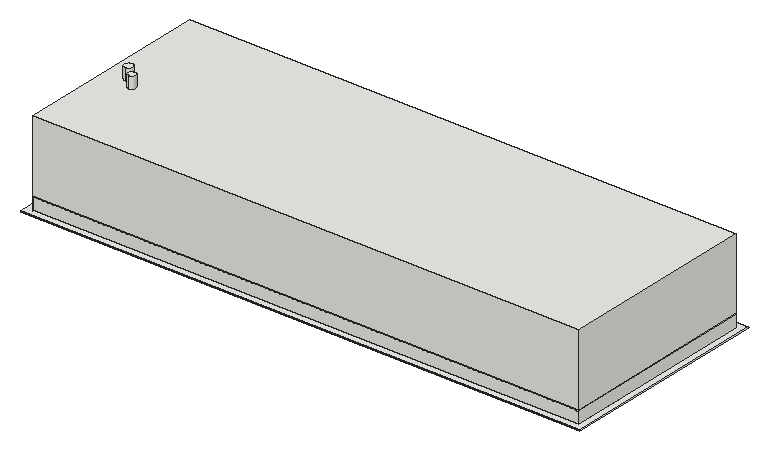
Revit family "AIRTECNICS_AIR CURTAIN_RECESSED WINDBOX_MG_DX-VRF_(TOSHIBA)_00", category Mechanical Equipment, Revit 2016 (continued)
Definition of nested family "GEOM_WINDBOX_P_RECESSED_DX"
  Automatic sketch dimensions
    Extrusion 38 sketch curve to Extrusion 38 sketch curve = 2.97 mm
    Extrusion 38 sketch curve to Extrusion 38 sketch curve = 2.975 mm
    Extrusion 38 sketch curve to Extrusion 38 sketch curve = 0.557 mm
    Extrusion 38 sketch curve to Extrusion 38 sketch curve = 4.0 mm
    Extrusion 38 sketch curve to Extrusion 38 sketch curve = 3.966 mm
    Extrusion 38 sketch curve to Extrusion 38 sketch curve = 0.0 mm  (x2)
    Extrusion 39 sketch curve to Extrusion 39 sketch curve = 3.028 mm
    Extrusion 39 sketch curve to Extrusion 39 sketch curve = 3.961 mm
    Extrusion 39 sketch curve to Extrusion 39 sketch curve = 2.97 mm
    Extrusion 39 sketch curve to Extrusion 39 sketch curve = 2.975 mm
    Extrusion 39 sketch curve to Extrusion 39 sketch curve = 0.557 mm
    Extrusion 39 sketch curve to Extrusion 39 sketch curve = 4.0 mm
    Extrusion 39 sketch curve to Extrusion 39 sketch curve = 3.966 mm
    Extrusion 39 sketch curve to Extrusion 39 sketch curve = 0.0 mm  (x2)
    Extrusion 38 sketch curve to Extrusion 38 sketch curve = 25.946 mm
    Extrusion 38 sketch curve to Extrusion 38 sketch curve = 2.037 mm
    Extrusion 38 sketch curve to Extrusion 38 sketch curve = 2.578 mm
    Extrusion 38 sketch curve to Extrusion 38 sketch curve = 2.611 mm
    Extrusion 38 sketch curve to Extrusion 38 sketch curve = 23.162 mm
    Extrusion 39 sketch curve to Extrusion 39 sketch curve = 25.946 mm
    Extrusion 39 sketch curve to Extrusion 39 sketch curve = 2.037 mm
    Extrusion 39 sketch curve to Extrusion 39 sketch curve = 2.578 mm
    Extrusion 39 sketch curve to Extrusion 39 sketch curve = 2.611 mm
    Extrusion 39 sketch curve to Extrusion 39 sketch curve = 23.162 mm
    Extrusion 37 sketch curve to Extrusion 37 sketch curve = 74.0 mm
    Extrusion 37 sketch curve to Extrusion 37 sketch curve = 43.504 mm
    Extrusion 27 sketch curve to Extrusion 27 sketch curve = 74.0 mm
    Extrusion 27 sketch curve to Extrusion 27 sketch curve = 43.504 mm
    Extrusion 30 sketch curve to Extrusion 30 sketch curve = 74.0 mm
    Extrusion 30 sketch curve to Extrusion 30 sketch curve = 43.504 mm
    Extrusion 4 sketch curve to plane 11 = 0.0 mm
    Extrusion 7 sketch curve to plane 3 "Centro (Izquierda/Derecha)" = 0.0 mm
    plane 8 to Extrusion 11 sketch curve = 0.0 mm
    Extrusion 11 sketch curve to plane 24 = 0.0 mm
    Extrusion 11 sketch curve to plane 4 = 0.0 mm
    Extrusion 11 sketch curve to plane 8 = 10.0 mm
    Extrusion 12 sketch curve to plane 24 = 0.0 mm
    Extrusion 12 sketch curve to plane 4 = 0.0 mm
    Extrusion 12 sketch curve to plane 7 = 0.0 mm
    Extrusion 12 sketch curve to plane 7 = 10.0 mm
    Sweep 19 sketch curve to profile plane = 0.0 mm
    Sweep 19 sketch curve to Sweep 19 sketch curve = 0.0 mm  (x2)
    plane 24 to Extrusion 20 sketch curve = 20.494 mm  (x2)
    Extrusion 20 sketch curve to plane 11 = 41.908 mm
    plane 24 to Extrusion 20 sketch curve = 1.964 mm  (x6)
    Extrusion 20 sketch curve to Extrusion 20 sketch curve = 3.179 mm
    Extrusion 20 sketch curve to Extrusion 20 sketch curve = 1.478 mm  (x3)
    Extrusion 20 sketch curve to Extrusion 20 sketch curve = 4.657 mm  (x5)
    Extrusion 20 sketch curve to Extrusion 20 sketch curve = 16.188 mm
    Extrusion 20 sketch curve to plane 11 = 13.228 mm
    plane 11 to Extrusion 20 sketch curve = 9.843 mm
    plane 11 to Extrusion 20 sketch curve = 13.022 mm
    Extrusion 20 sketch curve to Extrusion 20 sketch curve = 0.254 mm  (x3)
    Extrusion 20 sketch curve to Extrusion 20 sketch curve = 18.53 mm
    Extrusion 20 sketch curve to Extrusion 20 sketch curve = 0.0 mm
    Extrusion 20 sketch curve to Extrusion 20 sketch curve = 0.799 mm  (x3)
    plane 1 "Centro (Frontal/Posterior)" to Extrusion 24 sketch curve = 21.764 mm
    Extrusion 24 sketch curve to plane 11 = 43.471 mm
    plane 24 to Extrusion 24 sketch curve = 3.073 mm
    Extrusion 24 sketch curve to Extrusion 24 sketch curve = 3.028 mm
    Extrusion 24 sketch curve to Extrusion 24 sketch curve = 3.961 mm
    Extrusion 24 sketch curve to Extrusion 24 sketch curve = 2.97 mm
    plane 24 to Extrusion 24 sketch curve = 0.496 mm
    Extrusion 24 sketch curve to plane 11 = 11.527 mm
    Extrusion 24 sketch curve to plane 11 = 9.49 mm
    plane 24 to Extrusion 24 sketch curve = 3.107 mm
    Extrusion 24 sketch curve to Extrusion 24 sketch curve = 2.975 mm
    Extrusion 24 sketch curve to Extrusion 24 sketch curve = 0.557 mm
    Extrusion 24 sketch curve to Extrusion 24 sketch curve = 4.0 mm
    Extrusion 24 sketch curve to Extrusion 24 sketch curve = 3.966 mm
    Extrusion 24 sketch curve to Extrusion 24 sketch curve = 0.0 mm  (x2)
    plane 1 "Centro (Frontal/Posterior)" to Extrusion 45 sketch curve = 21.764 mm
    Extrusion 45 sketch curve to plane 11 = 43.471 mm
    plane 24 to Extrusion 45 sketch curve = 3.073 mm
    Extrusion 45 sketch curve to Extrusion 45 sketch curve = 3.028 mm
    Extrusion 45 sketch curve to Extrusion 45 sketch curve = 3.961 mm
    Extrusion 45 sketch curve to Extrusion 45 sketch curve = 2.97 mm
    plane 24 to Extrusion 45 sketch curve = 0.496 mm
    Extrusion 45 sketch curve to plane 11 = 11.527 mm
    Extrusion 45 sketch curve to plane 11 = 9.49 mm
    plane 24 to Extrusion 45 sketch curve = 3.107 mm
    Extrusion 45 sketch curve to Extrusion 45 sketch curve = 2.975 mm
    Extrusion 45 sketch curve to Extrusion 45 sketch curve = 0.557 mm
    Extrusion 45 sketch curve to Extrusion 45 sketch curve = 4.0 mm
    Extrusion 45 sketch curve to Extrusion 45 sketch curve = 3.966 mm
    Extrusion 45 sketch curve to Extrusion 45 sketch curve = 0.0 mm  (x2)
    Extrusion 46 sketch curve to Extrusion 46 sketch curve = 0.0 mm  (x40)
    level to Extrusion 46 sketch curve = 0.881 mm  (x10)
    plane 20 to Extrusion 46 sketch curve = 4.0 mm
    plane 24 to Extrusion 46 sketch curve = 0.179 mm  (x10)
    Extrusion 46 sketch curve to Extrusion 46 sketch curve = 0.07 mm  (x10)
    plane 20 to Extrusion 46 sketch curve = 4.744 mm
    plane 24 to Extrusion 46 sketch curve = 2.811 mm  (x10)
    Extrusion 46 sketch curve to plane 13 = 7.561 mm
    plane 24 to Extrusion 46 sketch curve = 1.787 mm  (x10)
    plane 13 to Extrusion 46 sketch curve = 6.25 mm
    plane 13 to Extrusion 46 sketch curve = 6.4 mm
    Extrusion 46 sketch curve to Extrusion 46 sketch curve = 0.594 mm  (x8)
    Extrusion 46 sketch curve to Extrusion 46 sketch curve = 0.8 mm  (x12)
    plane 13 to Extrusion 46 sketch curve = 7.7 mm
    Extrusion 46 sketch curve to Extrusion 46 sketch curve = 1.007 mm  (x8)
    Extrusion 46 sketch curve to Extrusion 46 sketch curve = 1.3 mm  (x8)
    Extrusion 46 sketch curve to Extrusion 46 sketch curve = 8.369 mm  (x9)
    Extrusion 46 sketch curve to Extrusion 46 sketch curve = 13.01 mm  (x7)
    Extrusion 46 sketch curve to Extrusion 46 sketch curve = 0.08 mm  (x7)
    plane 24 to Extrusion 46 sketch curve = 14.344 mm  (x9)
    plane 24 to Extrusion 46 sketch curve = 13.319 mm  (x9)
    Extrusion 46 sketch curve to Extrusion 46 sketch curve = 0.5 mm  (x2)
    Extrusion 46 sketch curve to Extrusion 46 sketch curve = 13.961 mm  (x2)
    Extrusion 46 sketch curve to Extrusion 46 sketch curve = 0.999 mm
    Extrusion 46 sketch curve to Extrusion 46 sketch curve = 1.743 mm
    Extrusion 46 sketch curve to Extrusion 46 sketch curve = 0.658 mm
    Extrusion 46 sketch curve to Extrusion 46 sketch curve = 8.732 mm  (x10)
    plane 7 to Extrusion 47 sketch curve = 2.0 mm
    plane 8 to Extrusion 47 sketch curve = 2.0 mm
    plane 20 to Extrusion 47 sketch curve = 1.976 mm
    Extrusion 47 sketch curve to plane 5 = 486.1 mm
    Extrusion 2 sketch curve to plane 11 = 55.1 mm
    plane 7 to Extrusion 21 sketch curve = 1.0 mm
    plane 8 to Extrusion 21 sketch curve = 1.0 mm
    Extrusion 5 sketch curve to plane 3 "Centro (Izquierda/Derecha)" = 0.0 mm
    Extrusion 5 sketch curve to plane 11 = 0.0 mm
    plane 1 "Centro (Frontal/Posterior)" to Extrusion 23 sketch curve = 4.0 mm
    Extrusion 23 sketch curve to plane 11 = 42.0 mm
    Extrusion 25 sketch curve to plane 11 = 43.471 mm
    plane 24 to Extrusion 25 sketch curve = 0.496 mm
    Extrusion 26 sketch curve to plane 11 = 43.471 mm
    plane 24 to Extrusion 26 sketch curve = 0.496 mm
    Extrusion 18 sketch curve to plane 7 = 25.0 mm
    Extrusion 16 sketch curve to plane 17 "P2-01" = 0.0 mm
    Extrusion 16 sketch curve to plane 19 "P2-03" = 0.0 mm
    Extrusion 17 sketch curve to plane 14 = 0.0 mm
    Extrusion 17 sketch curve to plane 15 "P1-01" = 0.0 mm
Types (24, lengths in mm): name | Weight | Product Size | Product Reference | Product Heating | Product Description | Power Fans | Noise Level (dB(A)) | Mainfolds | M | Length | Heating Capacity | Gas Coil Volume | G | External Ut. Reference | Expansion Valve | Dn_Metric_Refrig_Liquid | Dn_Metric_Refrig_Gas | DX VRF | DX Kit | DX Coil Rows = 4 | DX Coil Rows = 3 | DX Coil Rows | DX 1:1 | Current Fans | L | CT | CR | CM | CH | CDX | Apparent Load | Airflow
  WINDBOX RECG 2500 VRF29-TO | 163.00 kg | "2500" | "RECG 2500 VRF29-TO" | "Direct Expansion VRF system" | "Energy saving heat pump air curtain: Up to 70% reduction in costs and CO2 emissions (heating mode).\r\nSelf-supporting casing construction made of galvanized steel plate, ready to be installed recessed in a false ceiling. \r\nInlet grille (free of maintenance) made with aluminium profiles and blow-out nozzle, integrated in a single white frame colour RAL 9016. Other colours are available on request.  Internal prefilter included.\r\nAnodized aluminium outlet vanes, airfoil shaped, adjustable in both directions.\r\nDouble-inlet centrifugal fans driven by an external rotor motor and low noise level. 5-speed selector. EC models assembled with very low consumption efficiency fans. \r\nIncludes only heating direct expansion coil with installed temperature sensors. Under request it can be modified to work in cooling and heating mode (not recomended) with optional condensate water pump.\r\nPlug&Play control panel CS-5DX-NE slave DX with 5 speeds selector and 7m telephone cable included.\r\nReady to connect to TOSHIBA VRF outdoor heat pump unit (R410A), not included, the customer should purchase it.\r\nRequires MM-DXC010 TOSHIBA VRF Interface KIT adapted for air curtain, RBC-AMT32-E programmable control and MM-DXV280 expansion valve, please consult.\r\nAir Volume: 5110 m3/h \r\nFans:  0,497 kW  4,34 A 230Vx1 50/60Hz\r\nHeating capacity: 28,89 kW\r\nDimensions: 770x310x2550 mm (depth, height, length)\r\nNOT SUPPLIED BY AIRTÈCNICS:\r\nMM-DXC010 Interface VRF kit and RBC-AMT32-E programmable control.\r\nExpansion valve MM-DXV280.\r\nExternal unit VRF." | 0.497 kW | 64 | "1\"1/8 & 1/2" | no | 2550.0 | 28.89 kW | 5.30 L | yes | "Not available" | "MM-DXV280" | 15 | 30 | yes | "MM-DXC010" | yes | no | 4 | no | 4.34 A | 2500.0 | 16 | 2 | 12 | 4 | 0 | 994 VA | 5110 m³/h
  WINDBOX RECG 2500 VRF25-TO | 163.00 kg | "2500" | "RECG 2500 VRF25-TO" | "Direct Expansion VRF system" | "Energy saving heat pump air curtain: Up to 70% reduction in costs and CO2 emissions (heating mode).\r\nSelf-supporting casing construction made of galvanized steel plate, ready to be installed recessed in a false ceiling. \r\nInlet grille (free of maintenance) made with aluminium profiles and blow-out nozzle, integrated in a single white frame colour RAL 9016. Other colours are available on request.  Internal prefilter included.\r\nAnodized aluminium outlet vanes, airfoil shaped, adjustable in both directions.\r\nDouble-inlet centrifugal fans driven by an external rotor motor and low noise level. 5-speed selector. EC models assembled with very low consumption efficiency fans. \r\nIncludes only heating direct expansion coil with installed temperature sensors. Under request it can be modified to work in cooling and heating mode (not recomended) with optional condensate water pump.\r\nPlug&Play control panel CS-5DX-NE slave DX with 5 speeds selector and 7m telephone cable included.\r\nReady to connect to TOSHIBA VRF outdoor heat pump unit (R410A), not included, the customer should purchase it.\r\nRequires MM-DXC010 TOSHIBA VRF Interface KIT adapted for air curtain, RBC-AMT32-E programmable control and MM-DXV280 expansion valve, please consult.\r\nAir Volume: 5110 m3/h \r\nFans:  0,497 kW  4,34 A 230Vx1 50/60Hz\r\nHeating capacity: 24,86 kW\r\nDimensions: 770x310x2550 mm (depth, height, length)\r\nNOT SUPPLIED BY AIRTÈCNICS:\r\nMM-DXC010 Interface VRF kit and RBC-AMT32-E programmable control.\r\nExpansion valve MM-DXV280.\r\nExternal unit VRF." | 0.497 kW | 64 | "1\"1/8 & 1/2" | no | 2550.0 | 24.86 kW | 3.90 L | yes | "Not available" | "MM-DXV280" | 15 | 30 | yes | "MM-DXC010" | no | yes | 3 | no | 4.34 A | 2500.0 | 16 | 4 | 12 | 4 | 0 | 994 VA | 5110 m³/h
  WINDBOX RECG 2500 DX27-TO | 163.00 kg | "2500" | "RECG 2500 DX27-TO" | "Direct Expansion 1:1 system" | "Energy saving heat pump air curtain: Up to 70% reduction in costs and CO2 emissions (heating mode).\r\nSelf-supporting casing construction made of galvanized steel plate, ready to be installed recessed in a false ceiling. \r\nInlet grille (free of maintenance) made with aluminium profiles and blow-out nozzle, integrated in a single white frame colour RAL 9016. Other colours are available on request.  Internal prefilter included.\r\nAnodized aluminium outlet vanes, airfoil shaped, adjustable in both directions.\r\nDouble-inlet centrifugal fans driven by an external rotor motor and low noise level. 5-speed selector. EC models assembled with very low consumption efficiency fans. \r\nIncludes only heating direct expansion coil with installed temperature sensors. Under request it can be modified to work in cooling and heating mode (not recomended) with optional condensate water pump.\r\nPlug&Play control panel CS-5DX-NE slave DX with 5 speeds selector and 7m telephone cable included.\r\nReady to connect to TOSHIBA Inverter outdoor heat pump unit (R410A) with expansion valve, not included, the customer should purchase it.\r\nRequires TOSHIBA DX Interface KIT adapted for air curtain RAV-DXC010 and RBC-AMT32-E programmable control, please consult.\r\nAir Volume: 5110 m3/h \r\nFans:  0,497 kW  4,34 A 230Vx1 50/60Hz\r\nHeating capacity: 27,00 kW\r\nDimensions: 770x310x2550 mm (depth, height, length)\r\nNOT SUPPLIED BY AIRTÈCNICS:\r\nRAV-DXC010 Interface DX kit and RBC-AMT32-E programmable control.\r\nExternal unit:\r\n RAV-SM2804AT8-EExternal unit with direct expansion valve Toshiba, triple phase motor 400Vx3 50Hz.\r\nHeating capacity 27kW. Heating power: 8,15kW. COP 3,31.\r\nCooling capacity 23kW. Cooling power 8,75kW. EER 2,63.\r\nCooling circuits 1\"1/8 - 1/2\".\r\nMinimum length 7,5m.\r\nMaximum length 70m.\r\nDesnivell màxim 30m." | 0.497 kW | 64 | "1\"1/8 & 1/2" | no | 2550.0 | 27 kW | 5.30 L | yes | "RAV-SP2804AT8-E" | "Included on External Unit" | 15 | 30 | no | "RAV-DXC010" | yes | no | 4 | yes | 4.34 A | 2500.0 | 16 | 2 | 12 | 2 | 0 | 994 VA | 5110 m³/h
  WINDBOX RECG 2500 DX22-TO | 163.00 kg | "2500" | "RECG 2500 DX22-TO" | "Direct Expansion 1:1 system" | "Energy saving heat pump air curtain: Up to 70% reduction in costs and CO2 emissions (heating mode).\r\nSelf-supporting casing construction made of galvanized steel plate, ready to be installed recessed in a false ceiling. \r\nInlet grille (free of maintenance) made with aluminium profiles and blow-out nozzle, integrated in a single white frame colour RAL 9016. Other colours are available on request.  Internal prefilter included.\r\nAnodized aluminium outlet vanes, airfoil shaped, adjustable in both directions.\r\nDouble-inlet centrifugal fans driven by an external rotor motor and low noise level. 5-speed selector. EC models assembled with very low consumption efficiency fans. \r\nIncludes only heating direct expansion coil with installed temperature sensors. Under request it can be modified to work in cooling and heating mode (not recomended) with optional condensate water pump.\r\nPlug&Play control panel CS-5DX-NE slave DX with 5 speeds selector and 7m telephone cable included.\r\nReady to connect to TOSHIBA Inverter outdoor heat pump unit (R410A) with expansion valve, not included, the customer should purchase it.\r\nRequires TOSHIBA DX Interface KIT adapted for air curtain RAV-DXC010 and RBC-AMT32-E programmable control, please consult.\r\nAir Volume: 5110 m3/h \r\nFans:  0,497 kW  4,34 A 230Vx1 50/60Hz\r\nHeating capacity: 22,4 kW\r\nDimensions: 770x310x2550 mm (depth, height, length)\r\nNOT SUPPLIED BY AIRTÈCNICS:\r\nRAV-DXC010 Interface DX kit and RBC-AMT32-E programmable control.\r\nExternal unit:\r\n RAV-SM2244AT8-EExternal unit with direct expansion valve Toshiba, triple phase motor 400Vx3 50Hz.\r\nHeating capacity 22,4kW. Heating power: 6,49kW. COP 3,45.\r\nCooling capacity 20kW. Cooling power 7,2kW. EER 2,78.\r\nCooling circuits 1\"1/8 - 1/2\".\r\nMinimum length 7,5m.\r\nMaximum length 70m.\r\nDesnivell màxim 30m." | 0.497 kW | 64 | "1\"1/8 & 1/2" | no | 2550.0 | 22.4 kW | 3.90 L | yes | "RAV-SP2244AT8-E" | "Included on External Unit" | 15 | 30 | no | "RAV-DXC010" | no | yes | 3 | yes | 4.34 A | 2500.0 | 16 | 4 | 12 | 2 | 0 | 994 VA | 5110 m³/h
  WINDBOX RECG 2000 VRF24-TO | 131.00 kg | "2000" | "RECG 2000 VRF24-TO" | "Direct Expansion VRF system" | "Energy saving heat pump air curtain: Up to 70% reduction in costs and CO2 emissions (heating mode).\r\nSelf-supporting casing construction made of galvanized steel plate, ready to be installed recessed in a false ceiling. \r\nInlet grille (free of maintenance) made with aluminium profiles and blow-out nozzle, integrated in a single white frame colour RAL 9016. Other colours are available on request.  Internal prefilter included.\r\nAnodized aluminium outlet vanes, airfoil shaped, adjustable in both directions.\r\nDouble-inlet centrifugal fans driven by an external rotor motor and low noise level. 5-speed selector. EC models assembled with very low consumption efficiency fans. \r\nIncludes only heating direct expansion coil with installed temperature sensors. Under request it can be modified to work in cooling and heating mode (not recomended) with optional condensate water pump.\r\nPlug&Play control panel CS-5DX-NE slave DX with 5 speeds selector and 7m telephone cable included.\r\nReady to connect to TOSHIBA VRF outdoor heat pump unit (R410A), not included, the customer should purchase it.\r\nRequires MM-DXC010 TOSHIBA VRF Interface KIT adapted for air curtain, RBC-AMT32-E programmable control and MM-DXV280 expansion valve, please consult.\r\nAir Volume: 4380 m3/h \r\nFans:  0,426 kW  3,72 A 230Vx1 50/60Hz\r\nHeating capacity: 23,63 kW\r\nDimensions: 770x310x2050 mm (depth, height, length)\r\nNOT SUPPLIED BY AIRTÈCNICS:\r\nMM-DXC010 Interface VRF kit and RBC-AMT32-E programmable control.\r\nExpansion valve MM-DXV280.\r\nExternal unit VRF." | 0.426 kW | 63 | "1\"1/8 & 1/2" | no | 2050.0 | 23.63 kW | 4.10 L | yes | "Not available" | "MM-DXV280" | 15 | 30 | yes | "MM-DXC010" | yes | no | 4 | no | 3.72 A | 2000.0 | 8 | 2 | 12 | 4 | 0 | 852 VA | 4380 m³/h
  WINDBOX RECG 2000 VRF20-TO | 131.00 kg | "2000" | "RECG 2000 VRF20-TO" | "Direct Expansion VRF system" | "Energy saving heat pump air curtain: Up to 70% reduction in costs and CO2 emissions (heating mode).\r\nSelf-supporting casing construction made of galvanized steel plate, ready to be installed recessed in a false ceiling. \r\nInlet grille (free of maintenance) made with aluminium profiles and blow-out nozzle, integrated in a single white frame colour RAL 9016. Other colours are available on request.  Internal prefilter included.\r\nAnodized aluminium outlet vanes, airfoil shaped, adjustable in both directions.\r\nDouble-inlet centrifugal fans driven by an external rotor motor and low noise level. 5-speed selector. EC models assembled with very low consumption efficiency fans. \r\nIncludes only heating direct expansion coil with installed temperature sensors. Under request it can be modified to work in cooling and heating mode (not recomended) with optional condensate water pump.\r\nPlug&Play control panel CS-5DX-NE slave DX with 5 speeds selector and 7m telephone cable included.\r\nReady to connect to TOSHIBA VRF outdoor heat pump unit (R410A), not included, the customer should purchase it.\r\nRequires MM-DXC010 TOSHIBA VRF Interface KIT adapted for air curtain, RBC-AMT32-E programmable control and MM-DXV280 expansion valve, please consult.\r\nAir Volume: 4380 m3/h \r\nFans:  0,426 kW  3,72 A 230Vx1 50/60Hz\r\nHeating capacity: 20,21 kW\r\nDimensions: 770x310x2050 mm (depth, height, length)\r\nNOT SUPPLIED BY AIRTÈCNICS:\r\nMM-DXC010 Interface VRF kit and RBC-AMT32-E programmable control.\r\nExpansion valve MM-DXV280.\r\nExternal unit VRF." | 0.426 kW | 63 | "1\"1/8 & 1/2" | no | 2050.0 | 20.21 kW | 3.10 L | yes | "Not available" | "MM-DXV280" | 15 | 30 | yes | "MM-DXC010" | no | yes | 3 | no | 3.72 A | 2000.0 | 8 | 4 | 12 | 4 | 0 | 852 VA | 4380 m³/h
  WINDBOX RECG 2000 DX24-TO | 131.00 kg | "2000" | "RECG 2000 DX24-TO" | "Direct Expansion 1:1 system" | "Energy saving heat pump air curtain: Up to 70% reduction in costs and CO2 emissions (heating mode).\r\nSelf-supporting casing construction made of galvanized steel plate, ready to be installed recessed in a false ceiling. \r\nInlet grille (free of maintenance) made with aluminium profiles and blow-out nozzle, integrated in a single white frame colour RAL 9016. Other colours are available on request.  Internal prefilter included.\r\nAnodized aluminium outlet vanes, airfoil shaped, adjustable in both directions.\r\nDouble-inlet centrifugal fans driven by an external rotor motor and low noise level. 5-speed selector. EC models assembled with very low consumption efficiency fans. \r\nIncludes only heating direct expansion coil with installed temperature sensors. Under request it can be modified to work in cooling and heating mode (not recomended) with optional condensate water pump.\r\nPlug&Play control panel CS-5DX-NE slave DX with 5 speeds selector and 7m telephone cable included.\r\nReady to connect to TOSHIBA Inverter outdoor heat pump unit (R410A) with expansion valve, not included, the customer should purchase it.\r\nRequires TOSHIBA DX Interface KIT adapted for air curtain RAV-DXC010 and RBC-AMT32-E programmable control, please consult.\r\nAir Volume: 4380 m3/h \r\nFans:  0,426 kW  3,72 A 230Vx1 50/60Hz\r\nHeating capacity: 23,63 kW\r\nDimensions: 770x310x2050 mm (depth, height, length)\r\nNOT SUPPLIED BY AIRTÈCNICS:\r\nRAV-DXC010 Interface DX kit and RBC-AMT32-E programmable control.\r\nExternal unit:\r\n RAV-SM2804AT8-EExternal unit with direct expansion valve Toshiba, triple phase motor 400Vx3 50Hz.\r\nHeating capacity 27kW. Heating power: 8,15kW. COP 3,31.\r\nCooling capacity 23kW. Cooling power 8,75kW. EER 2,63.\r\nCooling circuits 1\"1/8 - 1/2\".\r\nMinimum length 7,5m.\r\nMaximum length 70m.\r\nDesnivell màxim 30m." | 0.426 kW | 63 | "1\"1/8 & 1/2" | no | 2050.0 | 23.63 kW | 4.10 L | yes | "RAV-SP2804AT8-E" | "Included on External Unit" | 15 | 30 | no | "RAV-DXC010" | yes | no | 4 | yes | 3.72 A | 2000.0 | 8 | 2 | 12 | 2 | 1 | 852 VA | 4380 m³/h
  WINDBOX RECG 2000 DX22-TO | 131.00 kg | "2000" | "RECG 2000 DX22-TO" | "Direct Expansion 1:1 system" | "Energy saving heat pump air curtain: Up to 70% reduction in costs and CO2 emissions (heating mode).\r\nSelf-supporting casing construction made of galvanized steel plate, ready to be installed recessed in a false ceiling. \r\nInlet grille (free of maintenance) made with aluminium profiles and blow-out nozzle, integrated in a single white frame colour RAL 9016. Other colours are available on request.  Internal prefilter included.\r\nAnodized aluminium outlet vanes, airfoil shaped, adjustable in both directions.\r\nDouble-inlet centrifugal fans driven by an external rotor motor and low noise level. 5-speed selector. EC models assembled with very low consumption efficiency fans. \r\nIncludes only heating direct expansion coil with installed temperature sensors. Under request it can be modified to work in cooling and heating mode (not recomended) with optional condensate water pump.\r\nPlug&Play control panel CS-5DX-NE slave DX with 5 speeds selector and 7m telephone cable included.\r\nReady to connect to TOSHIBA Inverter outdoor heat pump unit (R410A) with expansion valve, not included, the customer should purchase it.\r\nRequires TOSHIBA DX Interface KIT adapted for air curtain RAV-DXC010 and RBC-AMT32-E programmable control, please consult.\r\nAir Volume: 4380 m3/h \r\nFans:  0,426 kW  3,72 A 230Vx1 50/60Hz\r\nHeating capacity: 22,40 kW\r\nDimensions: 770x310x2050 mm (depth, height, length)\r\nNOT SUPPLIED BY AIRTÈCNICS:\r\nRAV-DXC010 Interface DX kit and RBC-AMT32-E programmable control.\r\nExternal unit:\r\n RAV-SM2244AT8-EExternal unit with direct expansion valve Toshiba, triple phase motor 400Vx3 50Hz.\r\nHeating capacity 22,4kW. Heating power: 6,49kW. COP 3,45.\r\nCooling capacity 20kW. Cooling power 7,2kW. EER 2,78.\r\nCooling circuits 1\"1/8 - 1/2\".\r\nMinimum length 7,5m.\r\nMaximum length 70m.\r\nDesnivell màxim 30m." | 0.426 kW | 63 | "1\"1/8 & 1/2" | no | 2050.0 | 22.4 kW | 4.10 L | yes | "RAV-SP2244AT8-E" | "Included on External Unit" | 15 | 30 | no | "RAV-DXC010" | yes | no | 4 | yes | 3.72 A | 2000.0 | 8 | 2 | 12 | 2 | 0 | 852 VA | 4380 m³/h
  WINDBOX RECG 1500 VRF15-TO | 98.00 kg | "1500" | "RECG 1500 VRF15-TO" | "Direct Expansion VRF system" | "Energy saving heat pump air curtain: Up to 70% reduction in costs and CO2 emissions (heating mode).\r\nSelf-supporting casing construction made of galvanized steel plate, ready to be installed recessed in a false ceiling. \r\nInlet grille (free of maintenance) made with aluminium profiles and blow-out nozzle, integrated in a single white frame colour RAL 9016. Other colours are available on request.  Internal prefilter included.\r\nAnodized aluminium outlet vanes, airfoil shaped, adjustable in both directions.\r\nDouble-inlet centrifugal fans driven by an external rotor motor and low noise level. 5-speed selector. EC models assembled with very low consumption efficiency fans. \r\nIncludes only heating direct expansion coil with installed temperature sensors. Under request it can be modified to work in cooling and heating mode (not recomended) with optional condensate water pump.\r\nPlug&Play control panel CS-5DX-NE slave DX with 5 speeds selector and 7m telephone cable included.\r\nReady to connect to TOSHIBA VRF outdoor heat pump unit (R410A), not included, the customer should purchase it.\r\nRequires MM-DXC010 TOSHIBA VRF Interface KIT adapted for air curtain, RBC-AMT32-E programmable control and MM-DXV140 expansion valve, please consult.\r\nAir Volume: 2920 m3/h \r\nFans:  0,284 kW  2,48 A 230Vx1 50/60Hz\r\nHeating capacity: 15,32 kW\r\nDimensions: 770x310x1550 mm (depth, height, length)\r\nNOT SUPPLIED BY AIRTÈCNICS:\r\nMM-DXC010 Interface VRF kit and RBC-AMT32-E programmable control.\r\nExpansion valve MM-DXV140.\r\nExternal unit VRF." | 0.284 kW | 62 | "5/8 & 3/8" | no | 1550.0 | 15.32 kW | 3.00 L | yes | "Not available" | "MM-DXV140" | 10 | 16 | yes | "MM-DXC010" | yes | no | 4 | no | 2.48 A | 1500.0 | 4 | 2 | 12 | 4 | 0 | 568 VA | 2920 m³/h
  WINDBOX RECG 1500 VRF13-TO | 98.00 kg | "1500" | "RECG 1500 VRF13-TO" | "Direct Expansion VRF system" | "Energy saving heat pump air curtain: Up to 70% reduction in costs and CO2 emissions (heating mode).\r\nSelf-supporting casing construction made of galvanized steel plate, ready to be installed recessed in a false ceiling. \r\nInlet grille (free of maintenance) made with aluminium profiles and blow-out nozzle, integrated in a single white frame colour RAL 9016. Other colours are available on request.  Internal prefilter included.\r\nAnodized aluminium outlet vanes, airfoil shaped, adjustable in both directions.\r\nDouble-inlet centrifugal fans driven by an external rotor motor and low noise level. 5-speed selector. EC models assembled with very low consumption efficiency fans. \r\nIncludes only heating direct expansion coil with installed temperature sensors. Under request it can be modified to work in cooling and heating mode (not recomended) with optional condensate water pump.\r\nPlug&Play control panel CS-5DX-NE slave DX with 5 speeds selector and 7m telephone cable included.\r\nReady to connect to TOSHIBA VRF outdoor heat pump unit (R410A), not included, the customer should purchase it.\r\nRequires MM-DXC010 TOSHIBA VRF Interface KIT adapted for air curtain, RBC-AMT32-E programmable control and MM-DXV140 expansion valve, please consult.\r\nAir Volume: 2920 m3/h \r\nFans:  0,284 kW  2,48 A 230Vx1 50/60Hz\r\nHeating capacity: 13,11 kW\r\nDimensions: 770x310x1550 mm (depth, height, length)\r\nNOT SUPPLIED BY AIRTÈCNICS:\r\nMM-DXC010 Interface VRF kit and RBC-AMT32-E programmable control.\r\nExpansion valve MM-DXV140.\r\nExternal unit VRF." | 0.284 kW | 62 | "5/8 & 3/8" | no | 1550.0 | 13.11 kW | 2.20 L | yes | "Not available" | "MM-DXV140" | 10 | 16 | yes | "MM-DXC010" | no | yes | 3 | no | 2.48 A | 1500.0 | 4 | 4 | 12 | 4 | 0 | 568 VA | 2920 m³/h
  WINDBOX RECG 1500 DX15-TO | 98.00 kg | "1500" | "RECG 1500 DX15-TO" | "Direct Expansion 1:1 system" | "Energy saving heat pump air curtain: Up to 70% reduction in costs and CO2 emissions (heating mode).\r\nSelf-supporting casing construction made of galvanized steel plate, ready to be installed recessed in a false ceiling. \r\nInlet grille (free of maintenance) made with aluminium profiles and blow-out nozzle, integrated in a single white frame colour RAL 9016. Other colours are available on request.  Internal prefilter included.\r\nAnodized aluminium outlet vanes, airfoil shaped, adjustable in both directions.\r\nDouble-inlet centrifugal fans driven by an external rotor motor and low noise level. 5-speed selector. EC models assembled with very low consumption efficiency fans. \r\nIncludes only heating direct expansion coil with installed temperature sensors. Under request it can be modified to work in cooling and heating mode (not recomended) with optional condensate water pump.\r\nPlug&Play control panel CS-5DX-NE slave DX with 5 speeds selector and 7m telephone cable included.\r\nReady to connect to TOSHIBA Inverter outdoor heat pump unit (R410A) with expansion valve, not included, the customer should purchase it.\r\nRequires TOSHIBA DX Interface KIT adapted for air curtain RAV-DXC010 and RBC-AMT32-E programmable control, please consult.\r\nAir Volume: 2920 m3/h \r\nFans:  0,284 kW  2,48 A 230Vx1 50/60Hz\r\nHeating capacity: 15,32 kW\r\nDimensions: 770x310x1550 mm (depth, height, length)\r\nNOT SUPPLIED BY AIRTÈCNICS:\r\nRAV-DXC010 Interface DX kit and RBC-AMT32-E programmable control.\r\nExternal unit:\r\nOption 1: RAV-SM1603AT-E\r\nExternal unit with direct expansion valve Toshiba, single phase motor 230Vx1 50Hz.\r\nHeating capacity 16kW. Heating power: 4,43kW. COP 3,61.\r\nCooling capacity 14kW. Cooling power 4,49kW. EER 3,12.\r\nCooling circuits 5/8\" - 3/8\".\r\nMinimum length 5m.\r\nMaximum length 50m.\r\nDesnivell màxim 30m.\r\nOption 2: RAV-SP1604AT8-E\r\nExternal unit with direct expansion valve Toshiba, triple phase motor 400Vx3 50Hz.\r\nHeating capacity 16kW. Heating power: 4,3kW. COP 3,72.\r\nCooling capacity 14kW. Cooling power 4,49kW. EER 3,12.\r\nCooling circuits 5/8\" - 3/8\".\r\nMinimum length 3m.\r\nMaximum length 75m.\r\nDesnivell màxim 30m." | 0.284 kW | 62 | "5/8 & 3/8" | no | 1550.0 | 15.32 kW | 3.00 L | yes | "RAV-SP1604AT8-E" | "Included on External Unit" | 10 | 16 | no | "RAV-DXC010" | yes | no | 4 | yes | 2.48 A | 1500.0 | 4 | 2 | 12 | 2 | 0 | 568 VA | 2920 m³/h
  WINDBOX RECG 1500 DX13-TO | 98.00 kg | "1500" | "RECG 1500 DX13-TO" | "Direct Expansion 1:1 system" | "Energy saving heat pump air curtain: Up to 70% reduction in costs and CO2 emissions (heating mode).\r\nSelf-supporting casing construction made of galvanized steel plate, ready to be installed recessed in a false ceiling. \r\nInlet grille (free of maintenance) made with aluminium profiles and blow-out nozzle, integrated in a single white frame colour RAL 9016. Other colours are available on request.  Internal prefilter included.\r\nAnodized aluminium outlet vanes, airfoil shaped, adjustable in both directions.\r\nDouble-inlet centrifugal fans driven by an external rotor motor and low noise level. 5-speed selector. EC models assembled with very low consumption efficiency fans. \r\nIncludes only heating direct expansion coil with installed temperature sensors. Under request it can be modified to work in cooling and heating mode (not recomended) with optional condensate water pump.\r\nPlug&Play control panel CS-5DX-NE slave DX with 5 speeds selector and 7m telephone cable included.\r\nReady to connect to TOSHIBA Inverter outdoor heat pump unit (R410A) with expansion valve, not included, the customer should purchase it.\r\nRequires TOSHIBA DX Interface KIT adapted for air curtain RAV-DXC010 and RBC-AMT32-E programmable control, please consult.\r\nAir Volume: 2920 m3/h \r\nFans:  0,284 kW  2,48 A 230Vx1 50/60Hz\r\nHeating capacity: 13,11 kW\r\nDimensions: 770x310x1550 mm (depth, height, length)\r\nNOT SUPPLIED BY AIRTÈCNICS:\r\nRAV-DXC010 Interface DX kit and RBC-AMT32-E programmable control.\r\nExternal unit:\r\nOption 1: RAV-SM1404ATP-E\r\nExternal unit with direct expansion valve Toshiba, single phase motor 230Vx1 50Hz.\r\nHeating capacity 14kW. Heating power: 3,8kW. COP 3,68.\r\nCooling capacity 12kW. Cooling power 3,74kW. EER 3,21.\r\nCooling circuits 5/8\" - 3/8\".\r\nMinimum length 5m.\r\nMaximum length 50m.\r\nDesnivell màxim 30m.\r\nOption 2: RAV-SP1404AT8-E\r\nExternal unit with direct expansion valve Toshiba, triple phase motor 400Vx3 50Hz.\r\nHeating capacity 14kW. Heating power: 3,8kW. COP 3,68.\r\nCooling capacity 12kW. Cooling power 3,74kW. EER 3,21.\r\nCooling circuits 5/8\" - 3/8\".\r\nMinimum length 3m.\r\nMaximum length 75m.\r\nDesnivell màxim 30m." | 0.284 kW | 62 | "5/8 & 3/8" | no | 1550.0 | 13.11 kW | 2.20 L | yes | "RAV-SP1404AT8-E" | "Included on External Unit" | 10 | 16 | no | "RAV-DXC010" | no | yes | 3 | yes | 2.48 A | 1500.0 | 4 | 4 | 12 | 2 | 0 | 568 VA | 2920 m³/h
  WINDBOX RECG 1000 VRF10-TO | 67.00 kg | "1000" | "RECG 1000 VRF10-TO" | "Direct Expansion VRF system" | "Energy saving heat pump air curtain: Up to 70% reduction in costs and CO2 emissions (heating mode).\r\nSelf-supporting casing construction made of galvanized steel plate, ready to be installed recessed in a false ceiling. \r\nInlet grille (free of maintenance) made with aluminium profiles and blow-out nozzle, integrated in a single white frame colour RAL 9016. Other colours are available on request.  Internal prefilter included.\r\nAnodized aluminium outlet vanes, airfoil shaped, adjustable in both directions.\r\nDouble-inlet centrifugal fans driven by an external rotor motor and low noise level. 5-speed selector. EC models assembled with very low consumption efficiency fans. \r\nIncludes only heating direct expansion coil with installed temperature sensors. Under request it can be modified to work in cooling and heating mode (not recomended) with optional condensate water pump.\r\nPlug&Play control panel CS-5DX-NE slave DX with 5 speeds selector and 7m telephone cable included.\r\nReady to connect to TOSHIBA VRF outdoor heat pump unit (R410A), not included, the customer should purchase it.\r\nRequires MM-DXC010 TOSHIBA VRF Interface KIT adapted for air curtain, RBC-AMT32-E programmable control and MM-DXV140 expansion valve, please consult.\r\nAir Volume: 2190 m3/h \r\nFans:  0,213 kW  1,86 A 230Vx1 50/60Hz\r\nHeating capacity: 9,70 kW\r\nDimensions: 770x310x1050 mm (depth, height, length)\r\nNOT SUPPLIED BY AIRTÈCNICS:\r\nMM-DXC010 Interface VRF kit and RBC-AMT32-E programmable control.\r\nExpansion valve MM-DXV140.\r\nExternal unit VRF." | 0.213 kW | 61 | "5/8 & 3/8" | no | 1050.0 | 9.7 kW | 1.80 L | yes | "Not available" | "MM-DXV140" | 10 | 16 | yes | "MM-DXC010" | yes | no | 4 | no | 1.86 A | 1000.0 | 2 | 2 | 12 | 4 | 0 | 426 VA | 2190 m³/h
  WINDBOX RECG 1000 DX10-TO | 67.00 kg | "1000" | "RECG 1000 DX10-TO" | "Direct Expansion 1:1 system" | "Energy saving heat pump air curtain: Up to 70% reduction in costs and CO2 emissions (heating mode).\r\nSelf-supporting casing construction made of galvanized steel plate, ready to be installed recessed in a false ceiling. \r\nInlet grille (free of maintenance) made with aluminium profiles and blow-out nozzle, integrated in a single white frame colour RAL 9016. Other colours are available on request.  Internal prefilter included.\r\nAnodized aluminium outlet vanes, airfoil shaped, adjustable in both directions.\r\nDouble-inlet centrifugal fans driven by an external rotor motor and low noise level. 5-speed selector. EC models assembled with very low consumption efficiency fans. \r\nIncludes only heating direct expansion coil with installed temperature sensors. Under request it can be modified to work in cooling and heating mode (not recomended) with optional condensate water pump.\r\nPlug&Play control panel CS-5DX-NE slave DX with 5 speeds selector and 7m telephone cable included.\r\nReady to connect to TOSHIBA Inverter outdoor heat pump unit (R410A) with expansion valve, not included, the customer should purchase it.\r\nRequires TOSHIBA DX Interface KIT adapted for air curtain RAV-DXC010 and RBC-AMT32-E programmable control, please consult.\r\nAir Volume: 2190 m3/h \r\nFans:  0,213 kW  1,86 A 230Vx1 50/60Hz\r\nHeating capacity: 9,70 kW\r\nDimensions: 770x310x1050 mm (depth, height, length)\r\nNOT SUPPLIED BY AIRTÈCNICS:\r\nRAV-DXC010 Interface DX kit and RBC-AMT32-E programmable control.\r\nExternal unit:\r\nOption 1: RAV-SM1104ATP-E\r\nExternal unit with direct expansion valve Toshiba, single phase motor 230Vx1 50Hz.\r\nHeating capacity 11,2kW. Heating power: 2,93kW. SCOP 3,54.\r\nCooling capacity 10kW. Cooling power 3,11kW. SEER 5,58.\r\nCooling circuits 5/8\" - 3/8\".\r\nMinimum length 5m.\r\nMaximum length 50m.\r\nDesnivell màxim 30m.\r\nOption 2: RAV-SP1104AT8-E\r\nExternal unit with direct expansion valve Toshiba, triple phase motor 400Vx3 50Hz.\r\nHeating capacity 11,2kW. Heating power: 2,42kW. SCOP 4,28.\r\nCooling capacity 10kW. Cooling power 2,37kW. SEER 6,57.\r\nCooling circuits 5/8\" - 3/8\".\r\nMinimum length 3m.\r\nMaximum length 75m.\r\nDesnivell màxim 30m." | 0.213 kW | 61 | "5/8 & 3/8" | no | 1050.0 | 9.7 kW | 1.80 L | yes | "RAV-SP1104AT8-E" | "Included on External Unit" | 10 | 16 | no | "RAV-DXC010" | yes | no | 4 | yes | 1.86 A | 1000.0 | 2 | 2 | 12 | 2 | 0 | 426 VA | 2190 m³/h
  WINDBOX RECM 2500 VRF24-TO | 153.00 kg | "2500" | "RECM 2500 VRF24-TO" | "Direct Expansion VRF system" | "Energy saving heat pump air curtain: Up to 70% reduction in costs and CO2 emissions (heating mode).\r\nSelf-supporting casing construction made of galvanized steel plate, ready to be installed recessed in a false ceiling. \r\nInlet grille (free of maintenance) made with aluminium profiles and blow-out nozzle, integrated in a single white frame colour RAL 9016. Other colours are available on request.  Internal prefilter included.\r\nAnodized aluminium outlet vanes, airfoil shaped, adjustable in both directions.\r\nDouble-inlet centrifugal fans driven by an external rotor motor and low noise level. 5-speed selector. EC models assembled with very low consumption efficiency fans. \r\nIncludes only heating direct expansion coil with installed temperature sensors. Under request it can be modified to work in cooling and heating mode (not recomended) with optional condensate water pump.\r\nPlug&Play control panel CS-5DX-NE slave DX with 5 speeds selector and 7m telephone cable included.\r\nReady to connect to TOSHIBA VRF outdoor heat pump unit (R410A), not included, the customer should purchase it.\r\nRequires MM-DXC010 TOSHIBA VRF Interface KIT adapted for air curtain, RBC-AMT32-E programmable control and MM-DXV280 expansion valve, please consult.\r\nAir Volume: 4100 m3/h \r\nFans:  0,355 kW  3,1 A 230Vx1 50/60Hz\r\nHeating capacity: 24,38 kW\r\nDimensions: 770x310x2550 mm (depth, height, length)\r\nNOT SUPPLIED BY AIRTÈCNICS:\r\nMM-DXC010 Interface VRF kit and RBC-AMT32-E programmable control.\r\nExpansion valve MM-DXV280.\r\nExternal unit VRF." | 0.355 kW | 59 | "1\"1/8 & 1/2" | yes | 2550.0 | 24.38 kW | 5.30 L | no | "Not available" | "MM-DXV280" | 15 | 30 | yes | "MM-DXC010" | yes | no | 4 | no | 3.1 A | 2500.0 | 16 | 2 | 6 | 4 | 0 | 710 VA | 4100 m³/h
  WINDBOX RECM 2500 VRF21-TO | 153.00 kg | "2500" | "RECM 2500 VRF21-TO" | "Direct Expansion VRF system" | "Energy saving heat pump air curtain: Up to 70% reduction in costs and CO2 emissions (heating mode).\r\nSelf-supporting casing construction made of galvanized steel plate, ready to be installed recessed in a false ceiling. \r\nInlet grille (free of maintenance) made with aluminium profiles and blow-out nozzle, integrated in a single white frame colour RAL 9016. Other colours are available on request.  Internal prefilter included.\r\nAnodized aluminium outlet vanes, airfoil shaped, adjustable in both directions.\r\nDouble-inlet centrifugal fans driven by an external rotor motor and low noise level. 5-speed selector. EC models assembled with very low consumption efficiency fans. \r\nIncludes only heating direct expansion coil with installed temperature sensors. Under request it can be modified to work in cooling and heating mode (not recomended) with optional condensate water pump.\r\nPlug&Play control panel CS-5DX-NE slave DX with 5 speeds selector and 7m telephone cable included.\r\nReady to connect to TOSHIBA VRF outdoor heat pump unit (R410A), not included, the customer should purchase it.\r\nRequires MM-DXC010 TOSHIBA VRF Interface KIT adapted for air curtain, RBC-AMT32-E programmable control and MM-DXV280 expansion valve, please consult.\r\nAir Volume: 4100 m3/h \r\nFans:  0,355 kW  3,1 A 230Vx1 50/60Hz\r\nHeating capacity: 21,20 kW\r\nDimensions: 770x310x2550 mm (depth, height, length)\r\nNOT SUPPLIED BY AIRTÈCNICS:\r\nMM-DXC010 Interface VRF kit and RBC-AMT32-E programmable control.\r\nExpansion valve MM-DXV280.\r\nExternal unit VRF." | 0.355 kW | 59 | "1\"1/8 & 1/2" | yes | 2550.0 | 21.2 kW | 3.90 L | no | "Not available" | "MM-DXV280" | 15 | 30 | yes | "MM-DXC010" | no | yes | 3 | no | 3.1 A | 2500.0 | 16 | 4 | 6 | 4 | 0 | 710 VA | 4100 m³/h
  WINDBOX RECM 2500 DX24-TO | 153.00 kg | "2500" | "RECM 2500 DX24-TO" | "Direct Expansion 1:1 system" | "Energy saving heat pump air curtain: Up to 70% reduction in costs and CO2 emissions (heating mode).\r\nSelf-supporting casing construction made of galvanized steel plate, ready to be installed recessed in a false ceiling. \r\nInlet grille (free of maintenance) made with aluminium profiles and blow-out nozzle, integrated in a single white frame colour RAL 9016. Other colours are available on request.  Internal prefilter included.\r\nAnodized aluminium outlet vanes, airfoil shaped, adjustable in both directions.\r\nDouble-inlet centrifugal fans driven by an external rotor motor and low noise level. 5-speed selector. EC models assembled with very low consumption efficiency fans. \r\nIncludes only heating direct expansion coil with installed temperature sensors. Under request it can be modified to work in cooling and heating mode (not recomended) with optional condensate water pump.\r\nPlug&Play control panel CS-5DX-NE slave DX with 5 speeds selector and 7m telephone cable included.\r\nReady to connect to TOSHIBA Inverter outdoor heat pump unit (R410A) with expansion valve, not included, the customer should purchase it.\r\nRequires TOSHIBA DX Interface KIT adapted for air curtain RAV-DXC010 and RBC-AMT32-E programmable control, please consult.\r\nAir Volume: 4100 m3/h \r\nFans:  0,355 kW  3,1 A 230Vx1 50/60Hz\r\nHeating capacity: 24,38 kW\r\nDimensions: 770x310x2550 mm (depth, height, length)\r\nNOT SUPPLIED BY AIRTÈCNICS:\r\nRAV-DXC010 Interface DX kit and RBC-AMT32-E programmable control.\r\nExternal unit:\r\n RAV-SM2804AT8-EExternal unit with direct expansion valve Toshiba, triple phase motor 400Vx3 50Hz.\r\nHeating capacity 27kW. Heating power: 8,15kW. COP 3,31.\r\nCooling capacity 23kW. Cooling power 8,75kW. EER 2,63.\r\nCooling circuits 1\"1/8 - 1/2\".\r\nMinimum length 7,5m.\r\nMaximum length 70m.\r\nDesnivell màxim 30m." | 0.355 kW | 59 | "1\"1/8 & 1/2" | yes | 2550.0 | 24.38 kW | 5.30 L | no | "RAV-SP2804AT8-E" | "Included on External Unit" | 15 | 30 | no | "RAV-DXC010" | yes | no | 4 | yes | 3.1 A | 2500.0 | 16 | 2 | 6 | 2 | 0 | 710 VA | 4100 m³/h
  WINDBOX RECM 2500 DX21-TO | 153.00 kg | "2500" | "RECM 2500 DX21-TO" | "Direct Expansion 1:1 system" | "Energy saving heat pump air curtain: Up to 70% reduction in costs and CO2 emissions (heating mode).\r\nSelf-supporting casing construction made of galvanized steel plate, ready to be installed recessed in a false ceiling. \r\nInlet grille (free of maintenance) made with aluminium profiles and blow-out nozzle, integrated in a single white frame colour RAL 9016. Other colours are available on request.  Internal prefilter included.\r\nAnodized aluminium outlet vanes, airfoil shaped, adjustable in both directions.\r\nDouble-inlet centrifugal fans driven by an external rotor motor and low noise level. 5-speed selector. EC models assembled with very low consumption efficiency fans. \r\nIncludes only heating direct expansion coil with installed temperature sensors. Under request it can be modified to work in cooling and heating mode (not recomended) with optional condensate water pump.\r\nPlug&Play control panel CS-5DX-NE slave DX with 5 speeds selector and 7m telephone cable included.\r\nReady to connect to TOSHIBA Inverter outdoor heat pump unit (R410A) with expansion valve, not included, the customer should purchase it.\r\nRequires TOSHIBA DX Interface KIT adapted for air curtain RAV-DXC010 and RBC-AMT32-E programmable control, please consult.\r\nAir Volume: 4100 m3/h \r\nFans:  0,355 kW  3,1 A 230Vx1 50/60Hz\r\nHeating capacity: 21,20 kW\r\nDimensions: 770x310x2550 mm (depth, height, length)\r\nNOT SUPPLIED BY AIRTÈCNICS:\r\nRAV-DXC010 Interface DX kit and RBC-AMT32-E programmable control.\r\nExternal unit:\r\n RAV-SM2244AT8-EExternal unit with direct expansion valve Toshiba, triple phase motor 400Vx3 50Hz.\r\nHeating capacity 22,4kW. Heating power: 6,49kW. COP 3,45.\r\nCooling capacity 20kW. Cooling power 7,2kW. EER 2,78.\r\nCooling circuits 1\"1/8 - 1/2\".\r\nMinimum length 7,5m.\r\nMaximum length 70m.\r\nDesnivell màxim 30m." | 0.355 kW | 59 | "1\"1/8 & 1/2" | yes | 2550.0 | 21.2 kW | 3.90 L | no | "RAV-SP2244AT8-E" | "Included on External Unit" | 15 | 30 | no | "RAV-DXC010" | no | yes | 3 | yes | 3.1 A | 2500.0 | 16 | 4 | 6 | 2 | 0 | 710 VA | 4100 m³/h
  WINDBOX RECM 2000 VRF19-TO | 122.00 kg | "2000" | "RECM 2000 VRF19-TO" | "Direct Expansion VRF system" | "Energy saving heat pump air curtain: Up to 70% reduction in costs and CO2 emissions (heating mode).\r\nSelf-supporting casing construction made of galvanized steel plate, ready to be installed recessed in a false ceiling. \r\nInlet grille (free of maintenance) made with aluminium profiles and blow-out nozzle, integrated in a single white frame colour RAL 9016. Other colours are available on request.  Internal prefilter included.\r\nAnodized aluminium outlet vanes, airfoil shaped, adjustable in both directions.\r\nDouble-inlet centrifugal fans driven by an external rotor motor and low noise level. 5-speed selector. EC models assembled with very low consumption efficiency fans. \r\nIncludes only heating direct expansion coil with installed temperature sensors. Under request it can be modified to work in cooling and heating mode (not recomended) with optional condensate water pump.\r\nPlug&Play control panel CS-5DX-NE slave DX with 5 speeds selector and 7m telephone cable included.\r\nReady to connect to TOSHIBA VRF outdoor heat pump unit (R410A), not included, the customer should purchase it.\r\nRequires MM-DXC010 TOSHIBA VRF Interface KIT adapted for air curtain, RBC-AMT32-E programmable control and MM-DXV280 expansion valve, please consult.\r\nAir Volume: 3280 m3/h \r\nFans:  0,284 kW  2,48 A 230Vx1 50/60Hz\r\nHeating capacity: 18,96 kW\r\nDimensions: 770x310x2050 mm (depth, height, length)\r\nNOT SUPPLIED BY AIRTÈCNICS:\r\nMM-DXC010 Interface VRF kit and RBC-AMT32-E programmable control.\r\nExpansion valve MM-DXV280.\r\nExternal unit VRF." | 0.284 kW | 58 | "1\"1/8 & 1/2" | yes | 2050.0 | 18.96 kW | 4.10 L | no | "Not available" | "MM-DXV280" | 15 | 30 | yes | "MM-DXC010" | yes | no | 4 | no | 2.48 A | 2000.0 | 8 | 2 | 6 | 4 | 0 | 568 VA | 3280 m³/h
  WINDBOX RECM 2000 VRF16-TO | 122.00 kg | "2000" | "RECM 2000 VRF16-TO" | "Direct Expansion VRF system" | "Energy saving heat pump air curtain: Up to 70% reduction in costs and CO2 emissions (heating mode).\r\nSelf-supporting casing construction made of galvanized steel plate, ready to be installed recessed in a false ceiling. \r\nInlet grille (free of maintenance) made with aluminium profiles and blow-out nozzle, integrated in a single white frame colour RAL 9016. Other colours are available on request.  Internal prefilter included.\r\nAnodized aluminium outlet vanes, airfoil shaped, adjustable in both directions.\r\nDouble-inlet centrifugal fans driven by an external rotor motor and low noise level. 5-speed selector. EC models assembled with very low consumption efficiency fans. \r\nIncludes only heating direct expansion coil with installed temperature sensors. Under request it can be modified to work in cooling and heating mode (not recomended) with optional condensate water pump.\r\nPlug&Play control panel CS-5DX-NE slave DX with 5 speeds selector and 7m telephone cable included.\r\nReady to connect to TOSHIBA VRF outdoor heat pump unit (R410A), not included, the customer should purchase it.\r\nRequires MM-DXC010 TOSHIBA VRF Interface KIT adapted for air curtain, RBC-AMT32-E programmable control and MM-DXV140 expansion valve, please consult.\r\nAir Volume: 3280 m3/h \r\nFans:  0,284 kW  2,48 A 230Vx1 50/60Hz\r\nHeating capacity: 16,44 kW\r\nDimensions: 770x310x2050 mm (depth, height, length)\r\nNOT SUPPLIED BY AIRTÈCNICS:\r\nMM-DXC010 Interface VRF kit and RBC-AMT32-E programmable control.\r\nExpansion valve MM-DXV140.\r\nExternal unit VRF." | 0.284 kW | 58 | "5/8 & 3/8" | yes | 2050.0 | 16.44 kW | 3.10 L | no | "Not available" | "MM-DXV140" | 10 | 16 | yes | "MM-DXC010" | no | yes | 3 | no | 2.48 A | 2000.0 | 8 | 4 | 6 | 4 | 0 | 568 VA | 3280 m³/h
  WINDBOX RECM 2000 DX19-TO | 122.00 kg | "2000" | "RECM 2000 DX19-TO" | "Direct Expansion 1:1 system" | "Energy saving heat pump air curtain: Up to 70% reduction in costs and CO2 emissions (heating mode).\r\nSelf-supporting casing construction made of galvanized steel plate, ready to be installed recessed in a false ceiling. \r\nInlet grille (free of maintenance) made with aluminium profiles and blow-out nozzle, integrated in a single white frame colour RAL 9016. Other colours are available on request.  Internal prefilter included.\r\nAnodized aluminium outlet vanes, airfoil shaped, adjustable in both directions.\r\nDouble-inlet centrifugal fans driven by an external rotor motor and low noise level. 5-speed selector. EC models assembled with very low consumption efficiency fans. \r\nIncludes only heating direct expansion coil with installed temperature sensors. Under request it can be modified to work in cooling and heating mode (not recomended) with optional condensate water pump.\r\nPlug&Play control panel CS-5DX-NE slave DX with 5 speeds selector and 7m telephone cable included.\r\nReady to connect to TOSHIBA Inverter outdoor heat pump unit (R410A) with expansion valve, not included, the customer should purchase it.\r\nRequires TOSHIBA DX Interface KIT adapted for air curtain RAV-DXC010 and RBC-AMT32-E programmable control, please consult.\r\nAir Volume: 3280 m3/h \r\nFans:  0,284 kW  2,48 A 230Vx1 50/60Hz\r\nHeating capacity: 18,96 kW\r\nDimensions: 770x310x2050 mm (depth, height, length)\r\nNOT SUPPLIED BY AIRTÈCNICS:\r\nRAV-DXC010 Interface DX kit and RBC-AMT32-E programmable control.\r\nExternal unit:\r\n RAV-SM2244AT8-EExternal unit with direct expansion valve Toshiba, triple phase motor 400Vx3 50Hz.\r\nHeating capacity 22,4kW. Heating power: 6,49kW. COP 3,45.\r\nCooling capacity 20kW. Cooling power 7,2kW. EER 2,78.\r\nCooling circuits 1\"1/8 - 1/2\".\r\nMinimum length 7,5m.\r\nMaximum length 70m.\r\nDesnivell màxim 30m." | 0.284 kW | 58 | "1\"1/8 & 1/2" | yes | 2050.0 | 18.96 kW | 4.10 L | no | "RAV-SP2244AT8-E" | "Included on External Unit" | 15 | 30 | no | "RAV-DXC010" | yes | no | 4 | yes | 2.48 A | 2000.0 | 8 | 2 | 6 | 2 | 0 | 568 VA | 3280 m³/h
  WINDBOX RECM 2000 DX16-TO | 122.00 kg | "2000" | "RECM 2000 DX16-TO" | "Direct Expansion 1:1 system" | "Energy saving heat pump air curtain: Up to 70% reduction in costs and CO2 emissions (heating mode).\r\nSelf-supporting casing construction made of galvanized steel plate, ready to be installed recessed in a false ceiling. \r\nInlet grille (free of maintenance) made with aluminium profiles and blow-out nozzle, integrated in a single white frame colour RAL 9016. Other colours are available on request.  Internal prefilter included.\r\nAnodized aluminium outlet vanes, airfoil shaped, adjustable in both directions.\r\nDouble-inlet centrifugal fans driven by an external rotor motor and low noise level. 5-speed selector. EC models assembled with very low consumption efficiency fans. \r\nIncludes only heating direct expansion coil with installed temperature sensors. Under request it can be modified to work in cooling and heating mode (not recomended) with optional condensate water pump.\r\nPlug&Play control panel CS-5DX-NE slave DX with 5 speeds selector and 7m telephone cable included.\r\nReady to connect to TOSHIBA Inverter outdoor heat pump unit (R410A) with expansion valve, not included, the customer should purchase it.\r\nRequires TOSHIBA DX Interface KIT adapted for air curtain RAV-DXC010 and RBC-AMT32-E programmable control, please consult.\r\nAir Volume: 3280 m3/h \r\nFans:  0,284 kW  2,48 A 230Vx1 50/60Hz\r\nHeating capacity: 16,00 kW\r\nDimensions: 770x310x2050 mm (depth, height, length)\r\nNOT SUPPLIED BY AIRTÈCNICS:\r\nRAV-DXC010 Interface DX kit and RBC-AMT32-E programmable control.\r\nExternal unit:\r\nOption 1: RAV-SM1603AT-E\r\nExternal unit with direct expansion valve Toshiba, single phase motor 230Vx1 50Hz.\r\nHeating capacity 16kW. Heating power: 4,43kW. COP 3,61.\r\nCooling capacity 14kW. Cooling power 4,49kW. EER 3,12.\r\nCooling circuits 5/8\" - 3/8\".\r\nMinimum length 5m.\r\nMaximum length 50m.\r\nDesnivell màxim 30m.\r\nOption 2: RAV-SP1604AT8-E\r\nExternal unit with direct expansion valve Toshiba, triple phase motor 400Vx3 50Hz.\r\nHeating capacity 16kW. Heating power: 4,3kW. COP 3,72.\r\nCooling capacity 14kW. Cooling power 4,49kW. EER 3,12.\r\nCooling circuits 5/8\" - 3/8\".\r\nMinimum length 3m.\r\nMaximum length 75m.\r\nDesnivell màxim 30m." | 0.284 kW | 58 | "5/8 & 3/8" | yes | 2050.0 | 16 kW | 3.10 L | no | "RAV-SP1604AT8-E" | "Included on External Unit" | 10 | 16 | no | "RAV-DXC010" | no | yes | 3 | yes | 2.48 A | 2000.0 | 8 | 4 | 6 | 2 | 0 | 568 VA | 3280 m³/h
  WINDBOX RECM 1500 VRF12-TO | 93.00 kg | "1500" | "RECM 1500 VRF12-TO" | "Direct Expansion VRF system" | "Energy saving heat pump air curtain: Up to 70% reduction in costs and CO2 emissions (heating mode).\r\nSelf-supporting casing construction made of galvanized steel plate, ready to be installed recessed in a false ceiling. \r\nInlet grille (free of maintenance) made with aluminium profiles and blow-out nozzle, integrated in a single white frame colour RAL 9016. Other colours are available on request.  Internal prefilter included.\r\nAnodized aluminium outlet vanes, airfoil shaped, adjustable in both directions.\r\nDouble-inlet centrifugal fans driven by an external rotor motor and low noise level. 5-speed selector. EC models assembled with very low consumption efficiency fans. \r\nIncludes only heating direct expansion coil with installed temperature sensors. Under request it can be modified to work in cooling and heating mode (not recomended) with optional condensate water pump.\r\nPlug&Play control panel CS-5DX-NE slave DX with 5 speeds selector and 7m telephone cable included.\r\nReady to connect to TOSHIBA VRF outdoor heat pump unit (R410A), not included, the customer should purchase it.\r\nRequires MM-DXC010 TOSHIBA VRF Interface KIT adapted for air curtain, RBC-AMT32-E programmable control and MM-DXV140 expansion valve, please consult.\r\nAir Volume: 2460 m3/h \r\nFans:  0,213 kW  1,86 A 230Vx1 50/60Hz\r\nHeating capacity: 11,61 kW\r\nDimensions: 770x310x1550 mm (depth, height, length)\r\nNOT SUPPLIED BY AIRTÈCNICS:\r\nMM-DXC010 Interface VRF kit and RBC-AMT32-E programmable control.\r\nExpansion valve MM-DXV140.\r\nExternal unit VRF." | 0.213 kW | 57 | "5/8 & 3/8" | yes | 1550.0 | 11.61 kW | 2.20 L | no | "Not available" | "MM-DXV140" | 10 | 16 | yes | "MM-DXC010" | no | yes | 3 | no | 1.86 A | 1500.0 | 4 | 4 | 6 | 4 | 0 | 426 VA | 2460 m³/h
  WINDBOX RECM 1500 DX11-TO | 93.00 kg | "1500" | "RECM 1500 DX11-TO" | "Direct Expansion 1:1 system" | "Energy saving heat pump air curtain: Up to 70% reduction in costs and CO2 emissions (heating mode).\r\nSelf-supporting casing construction made of galvanized steel plate, ready to be installed recessed in a false ceiling. \r\nInlet grille (free of maintenance) made with aluminium profiles and blow-out nozzle, integrated in a single white frame colour RAL 9016. Other colours are available on request.  Internal prefilter included.\r\nAnodized aluminium outlet vanes, airfoil shaped, adjustable in both directions.\r\nDouble-inlet centrifugal fans driven by an external rotor motor and low noise level. 5-speed selector. EC models assembled with very low consumption efficiency fans. \r\nIncludes only heating direct expansion coil with installed temperature sensors. Under request it can be modified to work in cooling and heating mode (not recomended) with optional condensate water pump.\r\nPlug&Play control panel CS-5DX-NE slave DX with 5 speeds selector and 7m telephone cable included.\r\nReady to connect to TOSHIBA Inverter outdoor heat pump unit (R410A) with expansion valve, not included, the customer should purchase it.\r\nRequires TOSHIBA DX Interface KIT adapted for air curtain RAV-DXC010 and RBC-AMT32-E programmable control, please consult.\r\nAir Volume: 2460 m3/h \r\nFans:  0,213 kW  1,86 A 230Vx1 50/60Hz\r\nHeating capacity: 11,20 kW\r\nDimensions: 770x310x1550 mm (depth, height, length)\r\nNOT SUPPLIED BY AIRTÈCNICS:\r\nRAV-DXC010 Interface DX kit and RBC-AMT32-E programmable control.\r\nExternal unit:\r\nOption 1: RAV-SM1104ATP-E\r\nExternal unit with direct expansion valve Toshiba, single phase motor 230Vx1 50Hz.\r\nHeating capacity 11,2kW. Heating power: 2,93kW. SCOP 3,54.\r\nCooling capacity 10kW. Cooling power 3,11kW. SEER 5,58.\r\nCooling circuits 5/8\" - 3/8\".\r\nMinimum length 5m.\r\nMaximum length 50m.\r\nDesnivell màxim 30m.\r\nOption 2: RAV-SP1104AT8-E\r\nExternal unit with direct expansion valve Toshiba, triple phase motor 400Vx3 50Hz.\r\nHeating capacity 11,2kW. Heating power: 2,42kW. SCOP 4,28.\r\nCooling capacity 10kW. Cooling power 2,37kW. SEER 6,57.\r\nCooling circuits 5/8\" - 3/8\".\r\nMinimum length 3m.\r\nMaximum length 75m.\r\nDesnivell màxim 30m." | 0.213 kW | 57 | "5/8 & 3/8" | yes | 1550.0 | 11.2 kW | 2.20 L | no | "RAV-SP1104AT8-E" | "Included on External Unit" | 10 | 16 | no | "RAV-DXC010" | no | yes | 3 | yes | 1.86 A | 1500.0 | 4 | 4 | 6 | 2 | 0 | 426 VA | 2460 m³/h
